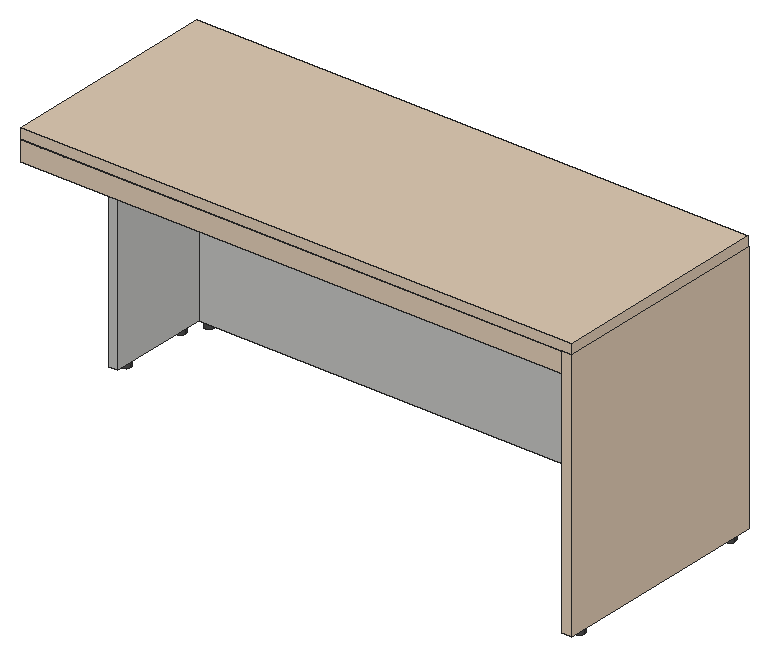
Revit family "Return-Teknion-CWRR_Teknion_Reception-R2016", category Furniture, Revit 2018
Family settings
  OmniClass Number = 23.40.20.00
  OmniClass Title = General Furniture and Specialties
  Work Plane-Based = No
  Always vertical = Yes
  Cut with Voids When Loaded = No
  Shared = Yes
  Room Calculation Point = No
Parameters (values of type "Has Left Connection, 1 End Gable")
  Width [instance] = 60.000"
  Warranty = "http://www.teknion.com/ca/papers/legal-canada"
  Unit Weight URL = "http://www.teknion.com/ca/tools/assets#&asset=bee6a381-b954-425e-8283-5a2de3a804f2,f828d448-4b62-4231-9e5f-9a8991c0ed77"
  URL = "www.teknion.com"
  Top Finish = Veneer-Teknion-5T-Flintwood-White_Truffle
  To render, please download texture images found here = "https://assets.teknion.com/web/5e81352c1dfdb467/revit-material-swatches/"
  Sustainability Data = "https://www.teknion.com/ca/tools/assets#&topic=216f99a5-57a0-44fc-b10a-9dee9b29ae4c&asset=444deb64-fe58-4b68-981e-f75e97781df7,b4ff2d81-9f2e-437d-9659-7cffb09c31cf"
  Series = "Custom Wood"  # constant formula
  Right Gable Front Offset [instance] = if(and(Depth = 24.000", [Right Connection, 1 End Gable]), 12.000", if(and(Depth = 20.000", [Right Connection, 1 End Gable]), 8.000", if([Left Connection, 1 End Gable], 0.000", 0.000")))  # 0.000"
  Right Gable Finish Note = if([Right Connection, 1 End Gable], "Match Base Finish.", "Please choose a Flintwood or Veneer Finish below.")  # "Please choose a Flintwood or Veneer Finish below."
  Right Gable Finish = Veneer-Teknion-5T-Flintwood-White_Truffle
  Right Gable Back Offset = if([Right Connection, 1 End Gable], 1.039", if([Left Connection, 1 End Gable], 0.000", 0.000"))  # 0.000"
  Right Connection, 1 End Gable = no
  Product Page URL = "https://www.teknion.com/ca/products/product-details?productLineId=0d82026f-8e7a-673b-a6c8-ff05004460c4"
  Product Line = "Teknion Reception"  # constant formula
  Product Documentation Link = "https://assets.teknion.com/m/148e0412a085a50e/original/Teknion-Reception-Sell-Sheet.pdf"
  Part Number = "CWRR"  # constant formula
  No Connection, 2 End Gables = no
  Model = "CWRR29__L"
  Manufacturer Phone = "416-661-3370"  # constant formula
  Manufacturer Fax = "416.661.4586"  # constant formula
  Manufacturer Contact Information = "http://www.teknion.com/ca/contactus"
  Manufacturer Address = "1150 Flint Road, Toronto, ON. M3J 2J5. Canada"  # constant formula
  Manufacturer = "Teknion"  # constant formula
  Left Gable Front Offset [instance] = if(and([Left Connection, 1 End Gable], Depth = 24.000"), 12.000", if(and([Left Connection, 1 End Gable], Depth = 20.000"), 8.000", if([Right Connection, 1 End Gable], 0.000", 0.000")))  # 12.000"
  Left Gable Finish Note = if([Left Connection, 1 End Gable], "Match Base Finish.", "Please choose a Flintwood or Veneer Finish below.")  # "Match Base Finish."
  Left Gable Finish = Source Laminate - Teknion - RV - Very White
  Left Gable Back Offset = if([Left Connection, 1 End Gable], 1.039", if([Right Connection, 1 End Gable], 0.000", 0.000"))  # 1.039"
  Left Connection, 1 End Gable = yes
  How To Use Teknion Materials User Guide = "https://assets.teknion.com/m/205dd0a49fa58060/original/How-to-add-a-Material-Library-and-Texture-Images-to-your-Revit-project.pdf"
  Height [instance] = 29.000"
  Front Gable Visibility [instance] = if(Height = 22.000", 1 > 2, 1 < 2)  # yes
  For Additional Finishes, please visit = "https://assets.teknion.com/m/44a8009b046e5d47/original/Teknion_Materials_Library.zip"
  Description = "Teknion Reception Return, Left Connection, 1 End Gable, 29\" Height"
  Depth [instance] = 24.000"
  Front & Back Gable Right Offset = if([Right Connection, 1 End Gable], 0.000", if([Left Connection, 1 End Gable], 1.039", 1.039"))  # 1.039"
  Front & Back Gable Left Offset = if([Left Connection, 1 End Gable], 0.000", if([Right Connection, 1 End Gable], 1.039", 1.039"))  # 0.000"
  Base Finish Note = "Choose a between a Foundation Laminate, Flintwood, or Veneer Finish below."  # constant formula
  Base Finish = Source Laminate - Teknion - RV - Very White
  Available Widths [instance] = "38 to 62 inches in 6 inch increments."  # constant formula
  Available Heights [instance] = if([No Connection, 2 End Gables], "22, 29 inches.", "29 inches.")  # "29 inches."
  Available Depths [instance] = "20, 24 inches."  # constant formula
  Assembly Code = "E2020200"
Types (4): name | Width | Right Gable Front Offset | Right Gable Finish Note | Right Gable Finish | Right Gable Back Offset | Right Connection, 1 End Gable | No Connection, 2 End Gables | Model | Left Gable Front Offset | Left Gable Finish Note | Left Gable Finish | Left Gable Back Offset | Left Connection, 1 End Gable | Height | Front Gable Visibility | Description | Front & Back Gable Right Offset | Front & Back Gable Left Offset | Available Heights
  (no name) | 60.000" | 0.000" | "Please choose a Flintwood or Veneer Finish below." | Veneer-Teknion-5T-Flintwood-White_Truffle | 0.000" | no | no | "CWRR29__L" | 12.000" | "Match Base Finish." | Source Laminate - Teknion - RV - Very White | 1.039" | yes | 29.000" | yes | "Teknion Reception Return, Left Connection, 1 End Gable, 29\" Height" | 1.039" | 0.000" | "29 inches."
  Has Right Connection, 1 End Gable | 60.000" | 12.000" | "Match Base Finish." | Source Laminate - Teknion - RV - Very White | 1.039" | yes | no | "CWRR29__R" | 0.000" | "Please choose a Flintwood or Veneer Finish below." | Veneer-Teknion-5T-Flintwood-White_Truffle | 0.000" | no | 29.000" | yes | "Teknion Reception Return, Right Connection, 1 End Gable, 29\" Height" | 0.000" | 1.039" | "29 inches."
  Has Left Connection, 1 End Gable | 60.000" | 0.000" | "Please choose a Flintwood or Veneer Finish below." | Veneer-Teknion-5T-Flintwood-White_Truffle | 0.000" | no | no | "CWRR29__L" | 12.000" | "Match Base Finish." | Source Laminate - Teknion - RV - Very White | 1.039" | yes | 29.000" | yes | "Teknion Reception Return, Left Connection, 1 End Gable, 29\" Height" | 1.039" | 0.000" | "29 inches."
  Has No Connection, 2 End Gables | 62.000" | 0.000" | "Please choose a Flintwood or Veneer Finish below." | Veneer-Teknion-5T-Flintwood-White_Truffle | 0.000" | no | yes | "CWRR___N" | 0.000" | "Please choose a Flintwood or Veneer Finish below." | Veneer-Teknion-5T-Flintwood-White_Truffle | 0.000" | no | 22.000" | no | "Teknion Reception Return, No Connection, 2 End Gables" | 1.039" | 1.039" | "22, 29 inches."
Reference planes (in)
  plane 1 "Center Front/Back": y = 1.53891
  plane 2: z = 0
  plane 3 "Center Left/Right": x = 0.20775
  plane 4 "Left": x = -29.79225
  plane 5 "Right": x = 30.20775
  plane 6 "Back": y = 13.53891
  plane 7 "Front": y = -10.46109
  plane 8 "Top": z = 29
  plane 9: x = -28.75288
  plane 10: x = 29.16838
  plane 11: y = 12.49954
  plane 12: z = 27.96457
  plane 13: z = 0.5
  plane 14: z = 27.84646
  plane 15: z = 25.71457
  plane 16: y = -10.16582
  plane 17: y = -10.40204
  plane 18: y = -9.68156
Forms (in)
  Sweep 1, solid, material "Source Laminate - Teknion - RV - Very White" <- "Left Gable Finish"
    path origin (0, 0, 0) x (1, 0, 0) y (0, 1, 0)
      loop
        line (-29.29225, 12.49991) -> (-29.29225, 1.53891)
    profile origin (-29.29225, 7.01941, 0) x (1, 0, 0) y (0, 0, 1)
      loop
        line (-0.5, 27.96457) -> (-0.5, 0.5) -> (0.53937, 0.5) -> (0.53937, 27.96457) -> (-0.5, 27.96457)
  Sweep 2, solid, material "Veneer-Teknion-5T-Flintwood-White_Truffle" <- "Top Finish"
    path origin (0, 1.53891, 0) x (1, 0, 0) y (0, 0, 1)
      loop
        line (-30.54225, 27.96457) -> (-30.54225, 29)
    profile origin (-30.54225, 1.53891, 28.48228) x (-1, 0, 0) y (0, -1, 0)
      loop
        line (-0.75, 12) -> (-60.75, 12) -> (-60.75, -12) -> (-0.75, -12) -> (-0.75, 12)
  Sweep 3, solid, material "Veneer-Teknion-5T-Flintwood-White_Truffle" <- "Right Gable Finish"
    path origin (0.4155, 0, 0) x (-1, 0, 0) y (0, 1, 0)
      loop
        line (-29.29225, 13.53891) -> (-29.29225, -10.46109)
    profile origin (29.70775, 1.53891, 0) x (1, 0, 0) y (0, 0, 1)
      loop
        line (0.5, 27.96457) -> (-0.53937, 27.96457) -> (-0.53937, 0.5) -> (0.5, 0.5) -> (0.5, 27.96457)
  Sweep 4, solid, material "Source Laminate - Teknion - RV - Very White" <- "Base Finish"
    path origin (0, 0, 0) x (1, 0, 0) y (0, 1, 0)
      loop
        line (-29.79225, 13.1538) -> (29.16875, 13.1538)
    profile origin (-0.31175, 13.1538, 0) x (0, 1, 0) y (0, 0, 1)
      loop
        line (0.38511, 27.96457) -> (-0.65426, 27.96457) -> (-0.65426, 0.5) -> (0.38511, 0.5) -> (0.38511, 27.96457)
  Sweep 5, solid, material "Veneer-Teknion-5T-Flintwood-White_Truffle" <- "Top Finish", visible <- "Front Gable Visibility"
    path origin (0, 1.53891, 0) x (1, 0, 0) y (0, 0, 1)
      loop
        line (-28.25288, 27.96457) -> (-28.25288, 25.71457)
    profile origin (-28.25288, 1.53891, 26.83957) x (0, -1, 0) y (1, 0, 0)
      loop
        line (11.22047, -1.53937) -> (11.94094, -1.53937) -> (11.94094, 57.42163) -> (11.22047, 57.42163) -> (11.22047, -1.53937)
  Sweep 6, void
    path origin (0, 0, 0) x (1, 0, 0) y (0, 1, 0)
      loop
        line (29.16875, -9.98024) -> (-29.79225, -9.98024)
    profile origin (-0.31175, -9.98024, 0) x (0, -1, 0) y (0, 0, 1)
      loop
        line (0.18557, 27.96457) -> (0.18557, 27.84646) -> (0.42179, 27.84646) -> (0.42179, 27.96457) -> (0.18557, 27.96457)
  Sweep 7, solid, material "Plastic - Teknion - E - Ebony"
    path origin (0, 1.53891, 0) x (1, 0, 0) y (0, 0, 1)
      loop
        line (-29.139, 0) -> (-29.139, 0.5)
    profile origin (-29.139, 1.53891, 0.25) x (-1, 0, 0) y (0, -1, 0)
      loop
        circle (-1.11483, -11.4833) r 0.5
      loop
        circle (-56.53193, -11.4833) r 0.5
  Sweep 8, solid, material "Plastic - Teknion - E - Ebony"
    path origin (1.25732, 1.53891, 0) x (1, 0, 0) y (0, 0, 1)
      loop
        line (-29.139, 0) -> (-29.139, 0.5)
    profile origin (-27.88168, 1.53891, 0.25) x (-1, 0, 0) y (0, -1, 0)
      loop
        circle (-57.57093, -10.22628) r 0.5
      loop
        circle (-57.57093, 10.22867) r 0.5
      loop
        circle (1.39207, -9.18943) r 0.5
      loop
        circle (1.39207, -1.77133) r 0.5
Cuts and joins
  Sweep 6 cuts Sweep 5
Lines and regions (in)
  Masking region 1
    outline origin (0, 0, 0) x (1, 0, 0) y (0, 1, 0)
      loop
        line (-29.79225, 13.53891) -> (-29.79225, -10.46109) -> (30.20775, -10.46109) -> (30.20775, 13.53891) -> (-29.79225, 13.53891)
  symbolic lines, style "FurnitureHiddenLines", detail levels medium+fine
    curve 1: line (-28.75288, 1.53891, 0) -> (-28.75288, 12.49991, 0)
    curve 2: line (29.16838, 13.53891, 0) -> (29.16838, -10.46109, 0)
    curve 3: line (-28.75288, 12.49954, 0) -> (29.16838, 12.49954, 0)
    curve 19: line (-29.79225, 1.53891, 0) -> (-28.75288, 1.53891, 0)
    curve 20: line (29.16838, -10.46109, 0) -> (30.20775, -10.46109, 0)
    curve 21: line (-29.79225, 12.49991, 0) -> (-28.75288, 12.49991, 0)
  symbolic lines, style "FurnitureHiddenLines", visible <- "Front Gable Visibility", detail levels medium+fine
    curve 4: line (-29.79225, -10.40204, 0) -> (29.16875, -10.40204, 0)
    curve 6: line (29.16875, -9.68156, 0) -> (-29.79225, -9.68156, 0)
  symbolic lines, style "FurnitureHiddenLines", visible <- "Front Gable Visibility", detail levels fine
    curve 5: line (29.16875, -10.16582, 0) -> (-29.79225, -10.16582, 0)
  symbolic lines, style "FurnitureHiddenLines", detail levels fine
    curve 7: arc (-27.52418, 13.02221, 0) -> (-28.02418, 12.52221, 0) -> (-28.52418, 13.02221, 0) r 0.5
    curve 8: arc (-28.52418, 13.02221, 0) -> (-28.02418, 13.52221, 0) -> (-27.52418, 13.02221, 0) r 0.5
    curve 9: arc (-29.77375, 10.72834, 0) -> (-29.27375, 11.22834, 0) -> (-28.77375, 10.72834, 0) r 0.5
    curve 10: arc (-28.77375, 10.72834, 0) -> (-29.27375, 10.22834, 0) -> (-29.77375, 10.72834, 0) r 0.5
    curve 11: arc (-29.77375, 3.31024, 0) -> (-29.27375, 3.81024, 0) -> (-28.77375, 3.31024, 0) r 0.5
    curve 12: arc (-28.77375, 3.31024, 0) -> (-29.27375, 2.81024, 0) -> (-29.77375, 3.31024, 0) r 0.5
    curve 13: arc (29.18925, -8.68976, 0) -> (29.68925, -8.18976, 0) -> (30.18925, -8.68976, 0) r 0.5
    curve 14: arc (30.18925, -8.68976, 0) -> (29.68925, -9.18976, 0) -> (29.18925, -8.68976, 0) r 0.5
    curve 15: arc (29.18925, 11.76519, 0) -> (29.68925, 12.26519, 0) -> (30.18925, 11.76519, 0) r 0.5
    curve 16: arc (30.18925, 11.76519, 0) -> (29.68925, 11.26519, 0) -> (29.18925, 11.76519, 0) r 0.5
    curve 17: arc (27.89293, 13.02221, 0) -> (27.39293, 12.52221, 0) -> (26.89293, 13.02221, 0) r 0.5
    curve 18: arc (26.89293, 13.02221, 0) -> (27.39293, 13.52221, 0) -> (27.89293, 13.02221, 0) r 0.5
    curve 22: line (29.16838, 13.53891, 0) -> (30.20775, 13.53891, 0)
  reference lines, not visible
    curve 23: line (-29.79225, 13.53891, 0) -> (-29.79225, -10.46109, 0)
    curve 24: line (-29.79225, 13.53891, 0) -> (30.20775, 13.53891, 0)
    curve 25: line (30.20775, 13.53891, 0) -> (30.20775, -10.46109, 0)
    curve 26: line (-29.79225, -10.46109, 0) -> (30.20775, -10.46109, 0)
Dimensions and locks (in)
  "Width": plane 4 "Left" to plane 5 "Right"
  equal spacing: plane 6 "Back", plane 1 "Center Front/Back", plane 7 "Front"
  "Height": plane 8 "Top" to level
  equal spacing: plane 4 "Left", plane 3 "Center Left/Right", plane 5 "Right"
  "Depth": plane 6 "Back" to plane 7 "Front"
  locked: plane 4 "Left" to plane 9 at 1.03937
  locked: plane 10 to plane 5 "Right" at 1.03937
  locked: plane 6 "Back" to plane 11 at 1.03937
  plane 8 "Top" to plane 12 to plane 14 to plane 15 = 1.03543" locked, 0.11811" locked, 2.13189" locked
  locked: plane 13 to plane 2 at 0.5
  "Left Gable Front Offset": plane 7 "Front" to Sweep 1 sketch curve
  "Right Gable Front Offset": plane 7 "Front" to Sweep 3 sketch curve
  "Right Gable Back Offset": plane 6 "Back" to Sweep 3 sketch curve
  "Left Gable Back Offset": plane 6 "Back" to Sweep 1 sketch curve
  "Front & Back Gable Right Offset": Sweep 4 sketch curve to plane 5 "Right"
  "Front & Back Gable Left Offset": plane 4 "Left" to Sweep 4 sketch curve
  plane 7 "Front" to plane 17 to plane 16 to plane 18 = 0.05906" locked, 0.23622" locked, 0.48425" locked
  "Front & Back Gable Left Offset": plane 4 "Left" to Sweep 6 sketch curve
  "Front & Back Gable Right Offset": Sweep 6 sketch curve to plane 5 "Right"
  "Front & Back Gable Right Offset": Sweep 5 sketch curve to plane 5 "Right"
  "Front & Back Gable Left Offset": plane 4 "Left" to Sweep 5 sketch curve
  locked: Sweep 4 to Sweep 7 sketch curve at 1.76807
  locked: plane 6 "Back" to Sweep 7 sketch curve at 0.5167  (x2)
  locked: Sweep 7 sketch curve to Sweep 4 at 1.77582
  locked: Sweep 3 to Sweep 8 sketch curve at 1.77133
  locked: Sweep 8 sketch curve to plane 5 "Right" at 0.5185  (x2)
  locked: Sweep 8 sketch curve to Sweep 3 at 1.77372
  locked: Sweep 1 to Sweep 8 sketch curve at 1.77157
  locked: Sweep 8 sketch curve to plane 9 at 0.52087
  locked: Sweep 1 to Sweep 8 sketch curve at 1.77133
  locked: plane 4 "Left" to Sweep 8 sketch curve at 0.5185
  aligned and locked: level to plane 2
  aligned and locked: Sweep 1 sketch curve to plane 12
  aligned and locked: plane 13 to Sweep 1 sketch curve
  aligned and locked: plane 9 to Sweep 1 sketch curve
  aligned and locked: plane 4 "Left" to Sweep 1 sketch curve
  aligned and locked: plane 8 "Top" to Sweep 2 sketch curve
  aligned and locked: plane 12 to Sweep 2 sketch curve
  aligned and locked: Sweep 2 sketch curve to plane 5 "Right"
  aligned and locked: Sweep 2 sketch curve to plane 6 "Back"
  aligned and locked: Sweep 2 sketch curve to plane 4 "Left"
  aligned and locked: Sweep 2 sketch curve to plane 7 "Front"
  aligned and locked: plane 12 to Sweep 3 sketch curve
  aligned and locked: Sweep 3 sketch curve to plane 13
  aligned and locked: plane 10 to Sweep 3 sketch curve
  aligned and locked: Sweep 3 sketch curve to plane 5 "Right"
  aligned and locked: plane 13 to Sweep 4 sketch curve
  aligned and locked: Sweep 4 sketch curve to plane 6 "Back"
  aligned and locked: plane 11 to Sweep 4 sketch curve
  aligned and locked: Sweep 4 sketch curve to plane 12
  aligned and locked: plane 15 to Sweep 5 sketch curve
  aligned and locked: plane 17 to Sweep 5 sketch curve
  aligned and locked: plane 12 to Sweep 5 sketch curve
  aligned and locked: Sweep 5 sketch curve to plane 18
  aligned and locked: plane 17 to Sweep 6 sketch curve
  aligned and locked: plane 14 to Sweep 6 sketch curve
  aligned and locked: Sweep 6 sketch curve to plane 12
  aligned and locked: Sweep 6 sketch curve to plane 16
  aligned and locked: plane 13 to Sweep 7 sketch curve
  aligned and locked: plane 2 to Sweep 7 sketch curve
  aligned and locked: Masking region 1 sketch curve to plane 6 "Back"
  aligned and locked: Masking region 1 sketch curve to plane 4 "Left"
  aligned and locked: Masking region 1 sketch curve to plane 7 "Front"
  aligned and locked: Masking region 1 sketch curve to plane 5 "Right"
  aligned and locked: curve 1 to Sweep 1
  aligned and locked: curve 2 to Sweep 3
  aligned and locked: Sweep 4 to curve 3
  aligned and locked: cut or joined group of Sweep 5, Sweep 6 to curve 4  (x2)
  aligned and locked: cut or joined group of Sweep 5, Sweep 6 to curve 5  (x3)
  aligned and locked: cut or joined group of Sweep 5, Sweep 6 to curve 6  (x2)
  aligned and locked: curve 7 to Sweep 7
  aligned and locked: curve 8 to Sweep 7
  aligned and locked: curve 9 to Sweep 8
  aligned and locked: curve 10 to Sweep 8
  aligned and locked: curve 11 to Sweep 8
  aligned and locked: curve 12 to Sweep 8
  aligned and locked: curve 13 to Sweep 8
  aligned and locked: curve 14 to Sweep 8
  aligned and locked: curve 15 to Sweep 8
  aligned and locked: curve 16 to Sweep 8
  aligned and locked: curve 17 to Sweep 7
  aligned and locked: curve 18 to Sweep 7
  aligned and locked: curve 19 to Sweep 1
  aligned and locked: curve 20 to Sweep 3
  aligned and locked: curve 21 to Sweep 1
  aligned and locked: curve 22 to Sweep 3
  aligned and locked: curve 23 to plane 4 "Left"
  aligned and locked: curve 24 to plane 6 "Back"
  aligned and locked: curve 25 to plane 5 "Right"
  aligned and locked: curve 26 to plane 7 "Front"
  aligned and locked: curve 6 to cut or joined group of Sweep 5, Sweep 6
  aligned and locked: curve 4 to cut or joined group of Sweep 5, Sweep 6
Automatic sketch dimensions
  Sweep 2 sketch curve to plane 4 "Left" = 0.750"
  Sweep 3 sketch curve to plane 5 "Right" = 0.500"
  plane 4 "Left" to Sweep 1 sketch curve = 0.500"
  Sweep 4 sketch curve to plane 6 "Back" = 0.38511"
  Sweep 5 sketch curve to plane 9 = 0.500"
  plane 16 to Sweep 6 sketch curve = 0.18557"
  plane 9 to Sweep 7 sketch curve = 0.38612"
  Sweep 8 sketch curve to plane 13 = 0.000"
  Sweep 8 sketch curve to level = 0.000"
  Sweep 8 sketch curve to plane 9 = 0.8712"
  curve 21 to plane 4 "Left" = 0.000"
  curve 19 to plane 4 "Left" = 0.000"
  curve 22 to plane 5 "Right" = 0.000"
  curve 20 to plane 5 "Right" = 0.000"
  radius of Sweep 7 sketch curve = 0.500"  (x2)
  radius of Sweep 8 sketch curve = 0.500"  (x4)
